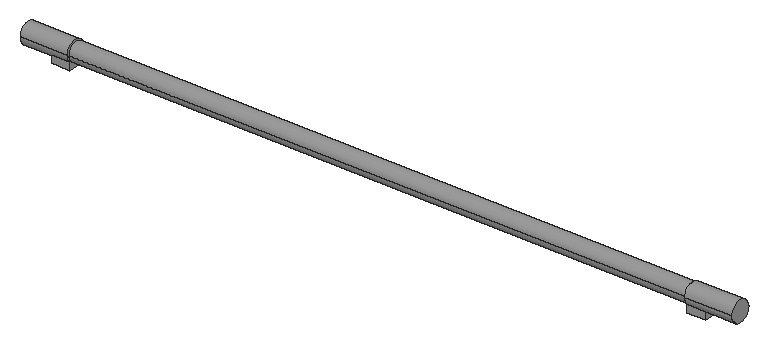
Revit family "0045155 Feilo Sylvania Lighting Fixture START BATTEN  IP65 26W 1500 4K", category Lighting Fixtures, host Face, Revit 2017
Family settings
  Host = Face
  Round Connector Dimension = Use Diameter
  Part Type = Normal
  OmniClass Number = 23.80.70.00
  OmniClass Title = Lighting
  Cut with Voids When Loaded = No
  Light Source = Yes
  Shared = No
  Room Calculation Point = No
Parameters (values of type "0045155 START BATTEN  IP65 26W 1500 4K")
  Weight = "9.132 kg"
  Wattage Comments = ""
  Wattage = 26 W
  WarrantyStartDate [instance] = "n/a"
  WarrantyGuarantorParts = "n/a"
  WarrantyDurationUnit = "n/a"
  WarrantyDurationParts = "n/a"
  WarrantyDescription = "n/a"
  built-in parameter 1150110 = 1 (stored number, unit not read)
  Voltage = 230 V
  URL = "http://www.sylvania-lighting.com"
  TypeName = "START BATTEN  IP65 26W 1500 4K"
  Type Image = <None>
  Type Comments = "n/a"
  built-in parameter 1114217 = 1 (stored number, unit not read)
  Tilt Angle = -90.00°
  built-in parameter 1150109 = 1 (stored number, unit not read)
  built-in parameter 1150134 = 12
  built-in parameter 1150113 = 1 (stored number, unit not read)
  SerialNumber [instance] = "n/a"
  RadiusGlandOuter_FEILO = 10 mm
  RadiusGlandInner_FEILO = 5 mm
  RadiusBody_FEILO = 22 mm
  Photometric Web File = "0045155.ies"
  Material_3_FEILO = none
  PowerFactor = 0
  PowerConsumption = "26 W"
  NominalLength = 1500 mm
  NominalHeight = 52.8 mm
  NominalDepth = 42 mm
  Name = "START BATTEN  IP65 26W 1500 4K"
  ModelReference = Name  # "START BATTEN  IP65 26W 1500 4K"
  ModelNumber = "0045155"
  Model = Name  # "START BATTEN  IP65 26W 1500 4K"
  Material = "polycarbonate housing, pc diffuser"
  ManufacturerName = "Feilo Sylvania"
  Manufacturer = "Feilo Sylvania"
  LuminousEfficacy = "123 lm/W"
  built-in parameter 1150105 = 678.46 (stored number, unit not read)
  Lumens = 3198 lm
  LuminaireType = ""
  built-in parameter 1150115 = 1 (stored number, unit not read)
  Long_FEILO = yes
  LightOutputRatio = "100"
  built-in parameter 1150137 = (empty or 0)
  built-in parameter 1150139 = (empty or 0)
  LampsType = Lamp  # "LED"
  LampNominalLuminous = "3200 lm"
  LampMacAdamStep = "n/a"
  LampColourTemperature = "4000 K"
  LampColourRenderingIndex = "80"
  built-in parameter 1150112 = 1 (stored number, unit not read)
  built-in parameter 1150114 = 1 (stored number, unit not read)
  Lamp = "LED"
  L3_FEILO = if(Long_FEILO, 1378 mm, 1078 mm)  # 1378 mm
  L2_FEILO = if(Long_FEILO, 1543 mm, 1246 mm)  # 1543 mm
  L1_FEILO = if(Long_FEILO, 1588 mm, 1291 mm)  # 1588 mm
  Keynote = "16500"
  InstallationDate [instance] = "n/a"
  InputVoltage = "220-240V~"
  InputNominalFrequency = "50/60 Hz"
  built-in parameter 1150132 = (empty or 0)
  built-in parameter 1150102 = (empty or 0)
  built-in parameter 1150107 = 4000 (stored number, unit not read)
  built-in parameter 1150138 = (empty or 0)
  IngressProtection = "IP65"
  ImpactProtectionIndex = "IK08"
  built-in parameter 1150106 = 6.7846 (stored number, unit not read)
  IfcExportType = "IfcLightFixtureType"
  IfcExportAs = "IfcLightFixtureType"
  ExpectedLife = 50000
  Emit from Rectangle Width = 25 mm
  Emit from Rectangle Length = L3_FEILO - 40 mm  # 1338 mm
  Emit Shape Visible in Rendering = no
  ElectricShockClassification = "Class II"
  built-in parameter 1150104 = 11.427 (stored number, unit not read)
  DurationUnit = "hours"
  DocumentationLiterature = "http://www.sylvania-lighting.com/product/en-int/products/0045155"
  DimmingControlOptions = "n/a"
  Material_2_FEILO = Diffuser-Sylvania-StartBatten
  Dimming Lamp Color Temperature Shift = <None>
  Description = "The new upgraded Start Batten IP65 ( upgraded version of Batten LED LINK) is a versatile range of slimline LED waterproof luminaires that provide an ideal solution for interior and exterior applications such as workshops, garages and outdoor covered spaces. The  design allows the luminaire to be easily linked to another luminaire through an IP65 rated connector. The performance of the range  has been significantly improved ,  for example Start Twin Batten IP65 LED delivers  a performance of up to 6000lm (125lm/W). Available in 1200mm and 1500mm lengths (approx.) - the product can be a slimline replacement for single and twin 36W/58W fluorescent waterproof battens."
  Default Elevation = 1219.2 mm
  CreatedOn = "3/8/2018"
  CreatedBy = ""
  Cost = 0
  Color Filter = 16777215
  built-in parameter 1114216 [instance] = (empty or 0)
  ClassificationValue = "EF_70_80"
  ClassificationName = "Uniclass2015"
  Material_1_FEILO = Body-Sylvania-StartBatten
  BarCode [instance] = "n/a"
  built-in parameter 1114218 = 1 (stored number, unit not read)
  built-in parameter 1150133 = 10 (stored number, unit not read)
  AssetType = "Fixed"
  AssetIdentifier [instance] = "n/a"
  Assembly Code = "D5020200"
  Apparent Load = 26 VA
  Material_4_FEILO = none
Reference planes
  plane 1 "Center (Front/Back)": y = 0
  plane 2: z = 0
  plane 3 "Center (Left/Right)": x = 0
  plane 4: z = 53
  plane 5: y = -22
  plane 6: y = 22
  plane 7: z = 9
  plane 8: z = 31
  plane 9: y = -16
  plane 10: y = 16
  plane 11: x = 539
  plane 12: x = 689
  plane 13: x = -689
  plane 14: x = -771.5
  plane 15: x = 771.5
  plane 16: x = -794
  plane 17: x = 794
  plane 18: x = -669
  plane 19: x = 669
  plane 20: x = 709
  plane 21: x = -709
Forms (mm)
  Extrusion 1, solid, material "Body-Sylvania-StartBatten" <- "Material_1_FEILO"
    sketch origin (-689, 1524, 1219.2) x (0, 1, 0) y (0, 0, 1)
      loop
        circle (-1524, -1188.2) r 22
    from -82.5 to 20
  Extrusion 2, solid, material "Body-Sylvania-StartBatten" <- "Material_1_FEILO"
    sketch origin (689, 1524, 1219.2) x (0, 1, 0) y (0, 0, 1)
      loop
        circle (-1524, -1188.2) r 22
    from 82.5 to -20
  Extrusion 3, solid, material "Diffuser-Sylvania-StartBatten" <- "Material_2_FEILO"
    sketch origin (0, 0, 0) x (0, 1, 0) y (0, 0, 1)
      loop
        circle (0, 31) r 20
    from -669 to 669
  Extrusion 4, solid, material "Body-Sylvania-StartBatten" <- "Material_1_FEILO"
    sketch origin (-689, 1524, 1219.2) x (0, 1, 0) y (0, 0, 1)
      loop
        line (-1540, -1219.2) -> (-1508, -1219.2) -> (-1508, -1188.2) -> (-1540, -1188.2) -> (-1540, -1219.2)
    from -20 to 20
  Extrusion 5, solid, material "Body-Sylvania-StartBatten" <- "Material_1_FEILO"
    sketch origin (689, 1524, 1219.2) x (0, 1, 0) y (0, 0, 1)
      loop
        line (-1540, -1188.2) -> (-1540, -1219.2) -> (-1508, -1219.2) -> (-1508, -1188.2) -> (-1540, -1188.2)
    from -20 to 20
Cuts and joins
  joined: Extrusion 1, Extrusion 4
  joined: Extrusion 2, Extrusion 5
Dimensions and locks
  equal spacing: plane 5, plane 1 "Center (Front/Back)", plane 6
  locked: plane 5 to plane 6 at 44
  locked: plane 4 to plane 2 at 53
  equal spacing: plane 9, plane 1 "Center (Front/Back)", plane 10
  locked: plane 5 to plane 9 at 6
  equal spacing: plane 13, plane 3 "Center (Left/Right)", plane 12
  "L3_FEILO": plane 13 to plane 12
  equal spacing: plane 14, plane 3 "Center (Left/Right)", plane 15
  "L2_FEILO": plane 14 to plane 15
  equal spacing: plane 16, plane 3 "Center (Left/Right)", plane 17
  "L1_FEILO": plane 16 to plane 17
  locked: plane 4 to plane 8 at 22
  locked: plane 8 to plane 7 at 22
  equal spacing: plane 18, plane 3 "Center (Left/Right)", plane 19
  locked: plane 13 to plane 18 at 20
  equal spacing: plane 21, plane 3 "Center (Left/Right)", plane 20
  locked: plane 21 to plane 13 at 20
  "RadiusBody_FEILO": radius of Extrusion 1 sketch curve
  aligned and locked: plane 2 to host face
  aligned and locked: level to host face
  aligned and locked: Extrusion 1 to plane 14
  aligned and locked: Extrusion 2 sketch curve to Extrusion 1  (x2)
  aligned and locked: plane 15 to Extrusion 2
  aligned and locked: plane 18 to Extrusion 1
  aligned and locked: Extrusion 3 to Extrusion 1
  aligned and locked: plane 19 to Extrusion 3
  aligned and locked: Extrusion 2 to Extrusion 3
  aligned and locked: Extrusion 4 sketch curve to level
  aligned and locked: plane 9 to Extrusion 4 sketch curve
  aligned and locked: plane 8 to Extrusion 4 sketch curve
  aligned and locked: Extrusion 4 sketch curve to plane 10
  aligned and locked: Extrusion 1 to Extrusion 4
  aligned and locked: Extrusion 4 to plane 21
  aligned and locked: Extrusion 5 sketch curve to Extrusion 4  (x4)
  aligned and locked: plane 20 to Extrusion 5
  aligned and locked: Extrusion 2 to Extrusion 5
  aligned and locked: plane 4 to imposter light
  aligned and locked: imposter light to plane 1 "Center (Front/Back)"
  aligned and locked: plane 3 "Center (Left/Right)" to imposter light
Automatic sketch dimensions
  host sketch curve to host sketch curve = 2438.4 mm  (x2)
  Extrusion 1 sketch curve to plane 1 "Center (Front/Back)" = 0 mm
  Extrusion 1 sketch curve to plane 8 = 0 mm
  Extrusion 3 sketch curve to plane 8 = 0 mm
  Extrusion 3 sketch curve to plane 1 "Center (Front/Back)" = 0 mm
  Extrusion 3 sketch curve to plane 5 = 2 mm
Connectors
  electrical at (0, 0, 0), driven by "Apparent Load", driven by "PowerFactor", driven by "Voltage"
    settings: index 1, voltage 230 V, apparent load 26 VA, apparent load phase1 0 VA, apparent load phase2 0 VA, apparent load phase3 0 VA, power factor 0, load classification "Lighting", number of poles 1, system type 30, power factor state 1, is connector primary yes, connector utility no, sub classification motor no, connector description ""
